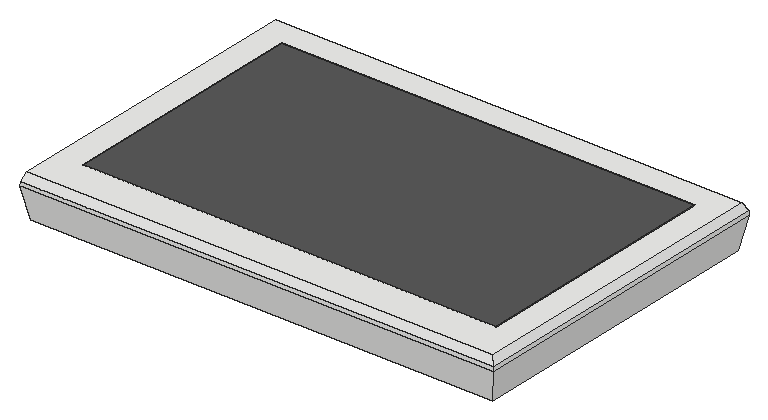
Revit family "Electronics_Touch-Panels_Biamp_Apprimo_Touch-7__", category Communication Devices, host Face, Revit 2020
Family settings
  Host = Face
  Maintain Annotation Orientation = No
  Round Connector Dimension = Use Diameter
  Part Type = Normal
  OmniClass Number = 23.85.10.17.11
  OmniClass Title = Audio-Visual System Components
  Cut with Voids When Loaded = No
  Shared = No
  Room Calculation Point = No
Parameters (values of type "Touch 7 White")
  Width = 7.00"  # constant formula
  Weight = 0.73 lbf  # constant formula
  Voltage = 0 V
  Void Offset [instance] = if(Table mount, 1.00", 0.00")  # 0.00"
  Table mount plan view [instance] = not(Table mount)  # yes
  URL = "https://www.biamp.com/"
  Temperature Range = "32 - 104° F (0 - 40° C)"  # constant formula
  Table mount note [instance] = "Optional tabletop stand accessory sold separately"  # constant formula
  Table mount [instance] = no
  Sensors = "Proximity Ambient Light"  # constant formula
  Product data url = "https://www.bimobject.com/biamp/product/apprimo-touch-7_touch-panel"
  Product Page URL = "https://www.biamp.com/products/product-families/apprimo/touch-panels#apprimo-touch-7"
  Product Documentation Link = "https://downloads.biamp.com/assets/docs/default-source/data-sheets/biamp_data_sheet_apprimo_touch_7_oct21.pdf"
  Power Factor = 1
  Offset Mount Type [instance] = if(Mount Angle = 135.00°, 2.00", 0.00")  # 0.00"
  Number of Poles = 1  # constant formula
  Network Connection = "RJ-45 with Ethernet cable (Cat 5e and above)"  # constant formula
  Mount Angle [instance] = if(Table mount, 135.00°, 180.00°)  # 180.00°
  Model = "Apprimo Touch 7"  # constant formula
  Mini USB port = "USB 2.0"  # constant formula
  Maximum Display Brightness = "350 nits"  # constant formula
  Max Power Consumption = 0 W
  Manufacturer = "Biamp"  # constant formula
  Included Accessories = "Mounting bracket  and screws, Ejector Pin, USB-OTG adapter, Polishing cloth"  # constant formula
  Humidity = "10-90% relative humidity (non-condensing)"  # constant formula
  Housing Material = Biamp - Plastic - White
  Height = 4.69922"  # constant formula
  Display Type = "High-Contrast Capacitive Touch LCD"  # constant formula
  Display Resolution = "1024x595"  # constant formula
  Display Diagonal Size = 7.00"  # constant formula
  Description = "Apprimo Touch 7 Touch Panel"  # constant formula
  Depth = 1.60"  # constant formula
  Default Elevation = 48.00"
  Controller Compatibility = "Impera Alfa II, Impera Lima, Impera Tango, Impera Sierra II"  # constant formula
  Connector Description = "PoE (IEEE 802.3at Class 3,15W)"  # constant formula
  Compliance = "CE marked (Europe), RoHS Directive (Europe)"  # constant formula
  Apparent Load = Max Power Consumption / Power Factor  # 0 VA
  Altitude = "0-6,600 ft (0-2000m) MSL"  # constant formula
Types (3): name | Housing Material
  (no name) | Biamp - Plastic - White
  Touch 7 White | Biamp - Plastic - White
  Touch 7 Black | Biamp - Plastic - Black
Reference planes (in)
  plane 1 "Center (Front/Back)": y = 0
  plane 2: z = 0
  plane 3 "Center (Left/Right)": x = 0
  plane 4: z = 0
  plane 5: z = 0
  plane 6: z = -1
Forms (in)
  Extrusion 1, void
    sketch origin (0, 0, 0) x (1, 0, 0) y (0, 1, 0)
      loop
        line (0.66379, -0.95398) -> (0.66379, 0.88806) -> (-0.66379, 0.88806) -> (-0.66379, -0.95398) -> (0.66379, -0.95398)
    from -1 to 0
Lines and regions (in)
  Masking region 1, visible <- "Table mount", detail levels medium+fine
    outline origin (0, 0, 0) x (1, 0, 0) y (0, 1, 0)
      loop
        line (-1.80563, 1.63895) -> (-3.41251, 1.63895) -> (-3.41251, 1.59956) -> (-3.5, 1.34316) -> (-3.5, 1.29923) -> (-3.5, -2.02362) -> (-3.44559, -2.06766) -> (3.44559, -2.06766) -> (3.5, -2.02362) -> (3.5, 1.29923) -> (3.5, 1.34316) -> (3.41251, 1.59956) -> (3.41251, 1.63895) -> (1.8094, 1.63895) -> (1.64294, 1.98023) -> (-1.63918, 1.98023) -> (-1.80563, 1.63895)
  Masking region 2, visible <- "Table mount plan view"
    outline origin (0, 0, 0) x (1, 0, 0) y (0, 1, 0)
      loop
        line (-3.5, 2.34961) -> (-3.5, -2.34961) -> (3.5, -2.34961) -> (3.5, 2.34961) -> (-3.5, 2.34961)
  Masking region 3, visible <- "Table mount", detail levels coarse
    outline origin (0, 0, 0) x (1, 0, 0) y (0, 1, 0)
      loop
        line (-1.64451, 1.97597) -> (-1.79792, 1.66142) -> (-3.5, 1.66142) -> (-3.5, -2.10613) -> (3.5, -2.10613) -> (3.5, 1.66142) -> (1.7955, 1.66142) -> (1.64209, 1.97597) -> (-1.64451, 1.97597)
  reference lines
    curve 1: line (0, 9.25, 0) -> (0, 0, 0)
  symbolic lines, visible <- "Table mount", detail levels medium+fine
    curve 2: line (-1.80563, 1.63895, 0) -> (-1.63918, 1.98023, 0)
    curve 3: line (-1.63918, 1.98023, 0) -> (1.64294, 1.98023, 0)
    curve 4: line (1.64294, 1.98023, 0) -> (1.8094, 1.63895, 0)
    curve 5: line (-3.41251, 1.63895, 0) -> (3.41251, 1.63895, 0)
    curve 6: line (-1.64798, 1.9622, 0) -> (-1.25234, 1.63895, 0)
    curve 7: line (1.65067, 1.96439, 0) -> (1.25234, 1.63895, 0)
    curve 8: line (-3.41251, 1.63895, 0) -> (-3.41251, 1.59956, 0)
    curve 9: line (-3.41251, 1.59956, 0) -> (3.41251, 1.59956, 0)
    curve 10: line (3.41251, 1.59956, 0) -> (3.41251, 1.63895, 0)
    curve 11: line (3.41251, 1.59956, 0) -> (3.5, 1.34316, 0)
    curve 12: line (3.5, 1.34316, 0) -> (-3.5, 1.34316, 0)
    curve 13: line (-3.5, 1.34316, 0) -> (-3.41251, 1.59956, 0)
    curve 14: line (-3.5, 1.34316, 0) -> (-3.5, 1.29923, 0)
    curve 15: line (-3.5, 1.29923, 0) -> (3.5, 1.29923, 0)
    curve 16: line (3.5, 1.29923, 0) -> (3.5, 1.34316, 0)
    curve 17: line (-3.5, 1.29923, 0) -> (-3.44559, 1.17825, 0)
    curve 18: line (-3.44559, 1.17825, 0) -> (3.44559, 1.17825, 0)
    curve 19: line (3.44559, 1.17825, 0) -> (3.5, 1.29923, 0)
    curve 20: line (-3.5, 1.29923, 0) -> (-3.5, -2.02362, 0)
    curve 21: line (-3.5, -2.02362, 0) -> (-3.44559, -2.06766, 0)
    curve 22: line (-3.44559, -2.06766, 0) -> (3.44559, -2.06766, 0)
    curve 23: line (3.44559, -2.06766, 0) -> (3.5, -2.02362, 0)
    curve 24: line (3.5, -2.02362, 0) -> (3.5, 1.29923, 0)
    curve 25: line (3.44559, 1.17825, 0) -> (3.44559, -2.06766, 0)
    curve 26: line (3.05434, -1.68219, 0) -> (-3.05434, -1.68219, 0)
    curve 27: line (-3.05434, -1.68219, 0) -> (-3.05434, 0.91432, 0)
    curve 28: line (-3.05434, 0.91432, 0) -> (3.05434, 0.91432, 0)
    curve 29: line (3.05434, 0.91432, 0) -> (3.05434, -1.68219, 0)
    curve 30: line (-3.44559, 1.17825, 0) -> (-3.44559, -2.06766, 0)
  symbolic lines, visible <- "Table mount plan view", detail levels medium+fine
    curve 31: line (-3.5, 2.34961, 0) -> (-3.44559, 2.2952, 0)
    curve 32: line (3.44559, 2.2952, 0) -> (-3.44559, 2.2952, 0)
    curve 33: line (-3.44559, 2.2952, 0) -> (-3.44559, -2.2952, 0)
    curve 34: line (-3.05434, 1.92195, 0) -> (3.05434, 1.92195, 0)
    curve 35: line (-3.05434, -1.75007, 0) -> (-3.05434, 1.92195, 0)
    curve 36: line (-3.5, 2.34961, 0) -> (-3.44559, 2.2952, 0)
    curve 37: line (3.44559, 2.2952, 0) -> (3.5, 2.34961, 0)
    curve 38: line (3.44559, -2.2952, 0) -> (3.44559, 2.2952, 0)
    curve 39: line (3.05434, 1.92195, 0) -> (3.05434, -1.75007, 0)
    curve 40: line (3.05434, -1.75007, 0) -> (-3.05434, -1.75007, 0)
    curve 41: line (-3.44559, -2.2952, 0) -> (3.44559, -2.2952, 0)
    curve 42: line (3.5, -2.34961, 0) -> (3.44559, -2.2952, 0)
    curve 43: line (-3.44559, 2.2952, 0) -> (-3.44559, -2.2952, 0)
    curve 44: line (-3.5, -2.34961, 0) -> (-3.44559, -2.2952, 0)
  symbolic lines, visible <- "Table mount plan view"
    curve 45: line (-3.5, -2.34961, 0) -> (3.5, -2.34961, 0)
    curve 46: line (-3.5, 2.34961, 0) -> (-3.5, -2.34961, 0)
    curve 47: line (3.5, 2.34961, 0) -> (-3.5, 2.34961, 0)
    curve 48: line (3.5, -2.34961, 0) -> (3.5, 2.34961, 0)
  symbolic lines, visible <- "Table mount", detail levels coarse
    curve 49: line (-3.5, 1.66142, 0) -> (3.5, 1.66142, 0)
    curve 50: line (3.5, 1.21672, 0) -> (-3.5, 1.21672, 0)
    curve 51: line (1.64209, 1.97597, 0) -> (-1.64451, 1.97597, 0)
    curve 52: line (-3.5, -2.10613, 0) -> (3.5, -2.10613, 0)
    curve 53: line (3.5, -2.10613, 0) -> (3.5, 1.66142, 0)
    curve 54: line (-1.64451, 1.97597, 0) -> (-1.79792, 1.66142, 0)
    curve 55: line (1.64209, 1.97597, 0) -> (1.7955, 1.66142, 0)
    curve 56: line (1.64857, 1.96268, 0) -> (1.27985, 1.66142, 0)
    curve 57: line (-1.27534, 1.66142, 0) -> (-1.64901, 1.96673, 0)
Dimensions and locks (in)
  "Offset Mount Type": plane 4 to level
  locked: plane 5 to plane 6 at 1
  "Void Offset": plane 5 to level
  "Mount Angle": angle host face to curve 1
  aligned and locked: plane 2 to host face
  aligned and locked: level to host face
  aligned and locked: plane 3 "Center (Left/Right)" to nested 1
  aligned and locked: plane 4 to curve 1
  aligned and locked: plane 1 "Center (Front/Back)" to curve 1
  aligned and locked: Extrusion 1 to plane 6
  aligned and locked: plane 5 to Extrusion 1
Automatic sketch dimensions
  host sketch curve to host sketch curve = 96.00"  (x2)
  Masking region 1 sketch curve to plane 3 "Center (Left/Right)" = 1.80563"
  Masking region 1 sketch curve to Masking region 1 sketch curve = 0.16646"  (x2)
  plane 3 "Center (Left/Right)" to Masking region 1 sketch curve = 1.64294"
  Masking region 1 sketch curve to plane 1 "Center (Front/Back)" = 1.63895"
  Masking region 1 sketch curve to Masking region 1 sketch curve = 0.34129"  (x2)
  Masking region 1 sketch curve to Masking region 1 sketch curve = 1.60688"
  Masking region 1 sketch curve to Masking region 1 sketch curve = 1.60311"
  Masking region 1 sketch curve to Masking region 1 sketch curve = 0.03939"
  Masking region 1 sketch curve to plane 1 "Center (Front/Back)" = 1.34316"
  Masking region 1 sketch curve to Masking region 1 sketch curve = 0.08749"
  Masking region 1 sketch curve to Masking region 1 sketch curve = 0.04394"  (x2)
  plane 1 "Center (Front/Back)" to Masking region 1 sketch curve = 2.02362"
  Masking region 1 sketch curve to Masking region 1 sketch curve = 0.05441"  (x2)
  Masking region 1 sketch curve to Masking region 1 sketch curve = 0.04403"  (x2)
  plane 3 "Center (Left/Right)" to Masking region 1 sketch curve = 3.44559"
  Masking region 1 sketch curve to Masking region 1 sketch curve = 0.33972"
  Masking region 1 sketch curve to plane 1 "Center (Front/Back)" = 1.59956"
  Masking region 2 sketch curve to plane 3 "Center (Left/Right)" = 3.50"
  plane 3 "Center (Left/Right)" to Masking region 2 sketch curve = 3.50"
  plane 1 "Center (Front/Back)" to Masking region 2 sketch curve = 2.34961"
  Masking region 2 sketch curve to plane 1 "Center (Front/Back)" = 2.34961"
  curve 14 to plane 1 "Center (Front/Back)" = 1.34316"
  curve 14 to plane 3 "Center (Left/Right)" = 3.50"
  curve 47 to curve 12 = 0.00"
  curve 31 to curve 36 = 0.05441"
  curve 52 to curve 21 = 0.05441"
  curve 49 to curve 8 = 0.08749"
  curve 21 to curve 35 = 0.39125"
  curve 27 to curve 35 = 0.00"
  curve 34 to curve 2 = 1.41517"
  plane 3 "Center (Left/Right)" to curve 51 = 1.64209"
  curve 51 to curve 3 = 0.00085"
  curve 51 to curve 29 = 1.41226"
  curve 34 to curve 28 = 0.00"
  curve 34 to curve 9 = 0.35817"
  curve 9 to curve 25 = 0.03308"
  curve 42 to curve 22 = 0.00"
  curve 38 to curve 48 = 0.05441"
  curve 18 to curve 16 = 0.05441"
  curve 17 to curve 12 = 0.04394"
  curve 25 to curve 15 = 0.12098"
  curve 28 to curve 17 = 0.26393"
  plane 1 "Center (Front/Back)" to curve 26 = 1.68219"
  curve 39 to curve 26 = 0.06788"
  curve 21 to curve 35 = 0.27355"
  curve 24 to curve 39 = 0.27355"
  curve 23 to curve 23 = 0.04403"
  curve 42 to curve 22 = 0.22754"
  curve 42 to curve 38 = 0.05441"
  curve 11 to curve 11 = 0.2564"
  curve 9 to curve 5 = 0.03939"
  curve 5 to curve 35 = 0.283"
  curve 51 to curve 3 = 0.00427"
  curve 34 to curve 32 = 0.37325"
  curve 31 to curve 46 = 0.05441"
  curve 2 to curve 2 = 0.16646"
  curve 2 to curve 54 = 0.00771"
  curve 57 to curve 2 = 0.00984"
  curve 57 to curve 6 = 0.00104"
  curve 54 to curve 2 = 0.00533"
  curve 6 to curve 57 = 0.37264"
  curve 57 to curve 6 = 0.023"
  curve 7 to curve 51 = 0.38975"
  curve 7 to curve 56 = 0.02751"
  curve 51 to curve 56 = 0.00648"
  curve 56 to curve 7 = 0.0021"
  curve 56 to curve 55 = 0.14693"
  curve 55 to curve 4 = 0.0139"
  curve 53 to curve 52 = 0.00"
  curve 18 to curve 50 = 0.03847"
  curve 53 to curve 22 = 0.03847"
  curve 52 to curve 21 = 0.03847"
  curve 2 to curve 54 = 0.02248"
  curve 53 to curve 49 = 0.00"
  curve 6 to curve 57 = 0.00454"
  Masking region 3 sketch curve to plane 1 "Center (Front/Back)" = 1.66142"  (x2)
  Masking region 3 sketch curve to plane 3 "Center (Left/Right)" = 3.50"
  Masking region 3 sketch curve to plane 3 "Center (Left/Right)" = 1.64451"
  plane 3 "Center (Left/Right)" to Masking region 3 sketch curve = 1.64209"
  Masking region 3 sketch curve to Masking region 3 sketch curve = 0.15341"  (x2)
  Masking region 3 sketch curve to Masking region 3 sketch curve = 1.7045"
  plane 1 "Center (Front/Back)" to Masking region 3 sketch curve = 2.10613"
  Masking region 3 sketch curve to Masking region 3 sketch curve = 0.31454"
  plane 3 "Center (Left/Right)" to Extrusion 1 sketch curve = 0.66379"
  Extrusion 1 sketch curve to plane 1 "Center (Front/Back)" = 0.88806"
  Extrusion 1 sketch curve to plane 3 "Center (Left/Right)" = 0.66379"
  plane 1 "Center (Front/Back)" to Extrusion 1 sketch curve = 0.95398"
Nested families (in)
  nested 1: "Table_stand_TP-TS" at (0, -0.00775, 0), visible <- "Table mount", type "Table_stand_TP-TS"
  nested 2: "Apprimo touch 7" at (0, 0, 0), type "Apprimo Touch 7"
Connectors (in)
  electrical at (-3.01086, -0.67171, 0)
    settings: on nested 2, index 1, voltage 0 V, apparent load 0 VA, apparent load phase1 0 VA, apparent load phase2 0 VA, apparent load phase3 0 VA, power factor 1, load classification "Other", number of poles 1, system type 5, power factor state 1, is connector primary yes, connector utility no, sub classification motor no, connector description "USB 2.0"
  electrical at (0, 0.10422, -0.65039), driven by "Connector Description", driven by "Number of Poles", driven by "Voltage", driven by "Apparent Load", driven by "Power Factor"
    settings: on nested 2, index 2, voltage 0 V, apparent load 0 VA, apparent load phase1 0 VA, apparent load phase2 0 VA, apparent load phase3 0 VA, power factor 1, load classification "Other", number of poles 1, system type 31, power factor state 1, is connector primary no, connector utility no, sub classification motor no, connector description "PoE (IEEE 802.3at Class 3,15W)"
Definition of nested family "Table_stand_TP-TS"
  Parameters (values of type "Table_stand_TP-TS")
    Width = 0.00"
    Weight = 0.00 lbf
    Temperature Range = ""
    Product Page URL = ""
    Product Documentation Link = ""
    Power = ""
    Network Connection = ""
    Material Case = none
    Humidity = ""
    Height = 0.00"
    Height_2 = 0.00"
    Depth = 0.00"
    Default Elevation = 48.00"
    Compliance = ""
    Altitude = ""
  Reference planes (in)
    plane 1 "Center (Front/Back)": y = 0
    plane 2: z = 0
    plane 3 "Center (Left/Right)": x = 0
    plane 4: z = 1.99935
  Forms (in)
    Extrusion 1, solid
      sketch origin (0, 0, 0) x (1, 0, 0) y (0, 1, 0)
        loop
          line (-48, 48) -> (-48, -48) -> (48, -48) -> (48, 48) -> (-48, 48)
      from 0 to -12
    Extrusion 2, solid, material <- "Material Case"
      sketch origin (0, 0, 1.99935) x (0, 0.707107, 0.707107) y (1, 0, 0)
        loop
          line (2.26212, -3.41251) -> (2.26212, 3.41251) -> (-2.26212, 3.41251) -> (-2.26212, 2.00083) -> (-1.75007, 2.00083) -> (-0.59969, 1.13395) -> (-0.27302, 1.56746) -> (0.91567, 0.67171) -> (0.91567, 0) -> (0.91567, -0.67171) -> (-0.27302, -1.56746) -> (-0.59969, -1.13395) -> (-1.75007, -2.00083) -> (-2.26212, -2.00083) -> (-2.26212, -3.41251) -> (2.26212, -3.41251)
        loop
          circle (0.22719, -2.5) r 0.15151
        loop
          circle (0.22719, 2.5) r 0.15151
      from 0 to 0.06667
    Extrusion 3, solid, material <- "Material Case"
      sketch origin (2.53867, 0.19208, 0) x (-0.438371, 0.898794, 0) y (-0.341708, -0.166662, 0.92491)
        loop
          line (-1.97926, 0.05376) -> (1.98857, 0.05376) -> (1.69691, 3.31172) -> (-1.90178, 0.34858) -> (-1.97926, 0.05376)
      from 0 to -0.05078
    Extrusion 4, solid, material <- "Material Case"
      sketch origin (-2.53867, 0.19208, 0) x (-0.438371, -0.898794, 0) y (0.341708, -0.166662, 0.92491)
        loop
          line (-1.98839, 0.05572) -> (1.95813, 0.05572) -> (1.87552, 0.37019) -> (-1.69691, 3.3117) -> (-1.98839, 0.05572)
      from 0 to -0.05078
    Extrusion 5, solid, material <- "Material Case"
      sketch origin (0, 0, 0) x (1, 0, 0) y (0, 1, 0)
        loop
          line (-1.63922, 1.98372) -> (-3.3869, -1.59956) -> (3.38977, -1.59956) -> (1.64209, 1.98372) -> (-1.63922, 1.98372)
      from 0 to 0.05078
  Dimensions and locks (in)
    plane 4 to Extrusion 1 = 1.99935"
    Extrusion 2 sketch curve to Extrusion 2 sketch curve = 5.00"
    aligned and locked: plane 2 to Extrusion 1
    aligned and locked: level to Extrusion 1
Definition of nested family "Apprimo touch 7"
  Parameters (values of type "Apprimo Touch 7")
    Width = 7.00"  # constant formula
    Weight = 0.73 lbf  # constant formula
    URL = ""
    Model = ""
    Material Screen = none
    Material Display = none
    Material Case = none
    Manufacturer = ""
    Height_2 = 4.69922"  # constant formula
    Description = ""
    Depth = 0.16797"  # constant formula
    Default Elevation = 48.00"
  Reference planes (in)
    plane 1 "Center (Front/Back)": y = 0
    plane 2: z = 0
    plane 3 "Center (Left/Right)": x = 0
  Forms (in)
    Extrusion 1, solid
      sketch origin (0, 0, 0) x (1, 0, 0) y (0, 1, 0)
        loop
          line (-48, 48) -> (-48, -48) -> (48, -48) -> (48, 48) -> (-48, 48)
      from 0 to -12
    Extrusion 2, solid, material <- "Material Case", detail levels medium+fine
      sketch origin (0, 0, 0) x (1, 0, 0) y (0, 1, 0)
        loop
          line (-3.5, 2.34961) -> (-3.5, -2.34961) -> (3.5, -2.34961) -> (3.5, 2.34961) -> (-3.5, 2.34961)
      from 0 to 0.62891
    Extrusion 3, solid, material <- "Material Case"
      sketch origin (0, 0, 0) x (1, 0, 0) y (0, 1, 0)
        loop
          line (-0.66379, 0.88806) -> (-0.66379, -0.95398) -> (0.66379, -0.95398) -> (0.66379, 0.88806) -> (-0.66379, 0.88806)
      from 0 to -0.30078
    Extrusion 4, solid, material <- "Material Case"
      sketch origin (0, 0, 0) x (1, 0, 0) y (0, 1, 0)
        loop
          line (-0.66379, 0.88806) -> (-0.66379, 0.10422) -> (0.66379, 0.10422) -> (0.66379, 0.88806) -> (-0.66379, 0.88806)
      from -0.30078 to -1
    Sweep 5, void
      path in 3D
        loop
          line (3.5, 2.34961, 0.62891) -> (-3.5, 2.34961, 0.62891) -> (-3.5, -2.34961, 0.62891) -> (3.5, -2.34961, 0.62891) -> (3.5, 2.34961, 0.62891)
      profile origin (3.5, 0, 0.62891) x (-1, 0, 0) y (0, 0, 1)
        loop
          line (0, 0) -> (0, -0.11668) -> (0.05441, 0) -> (0, 0)
        loop
          line (0, -0.17882) -> (0, -0.62891) -> (0.08749, -0.62891) -> (0, -0.17882)
    Extrusion 6, void
      sketch origin (0, 0, 0.62891) x (0, 1, 0) y (1, 0, 0)
        loop
          line (1.92195, -3.05434) -> (1.92195, 3.05434) -> (-1.75007, 3.05434) -> (-1.75007, -3.05434) -> (1.92195, -3.05434)
      from 0 to 0.05078
    Extrusion 7, solid, material <- "Material Screen", detail levels medium+fine
      sketch origin (0, 0, 0.62891) x (1, 0, 0) y (0, 1, 0)
        loop
          line (-3.05434, 1.92195) -> (-3.05434, -1.75007) -> (3.05434, -1.75007) -> (3.05434, 1.92195) -> (-3.05434, 1.92195)
      from 0 to -0.05078
    Extrusion 8, void
      sketch origin (0.66379, 0.10422, 0) x (1, 0, 0) y (0, 0, -1)
        loop
          line (-0.92759, 0.43036) -> (-0.42759, 0.43036) -> (-0.42759, 0.77036) -> (-0.92759, 0.77036) -> (-0.92759, 0.43036)
      from 0 to 0.05078
    Extrusion 9, void
      sketch origin (-1.18297, 2.33876, 0) x (0, 1, 0) y (-1, 0, 0)
        loop
          line (-2.85705, 1.87792) -> (-3.16389, 1.87792) -> (-3.16389, 1.77787) -> (-2.85705, 1.77787) -> (-2.85705, 1.87792)
      from 0 to 0.05078
    Extrusion 10, solid, material <- "Material Case", detail levels coarse
      sketch origin (0, 0, 0) x (1, 0, 0) y (0, 1, 0)
        loop
          line (-3.5, 2.34961) -> (-3.5, -2.34961) -> (3.5, -2.34961) -> (3.5, 2.34961) -> (-3.5, 2.34961)
      from 0 to 0.62891
    Extrusion 11, solid, detail levels coarse
      sketch origin (0, 0, 0.62891) x (1, 0, 0) y (0, 1, 0)
        loop
          line (-3.05434, 1.92195) -> (-3.05434, -1.75007) -> (3.05434, -1.75007) -> (3.05434, 1.92195) -> (-3.05434, 1.92195)
      from 0 to -0.05078
  Cuts and joins
    Sweep 5, Extrusion 6, Extrusion 8, Extrusion 9 cuts Extrusion 2
    Extrusion 8, Extrusion 9 cuts Extrusion 3
    Extrusion 8, Extrusion 9 cuts Extrusion 4
    joined: Extrusion 3, Extrusion 4
    Extrusion 6 cuts Extrusion 10
  Lines and regions (in)
    Masking region 1
      outline origin (0, 0, 0.62891) x (1, 0, 0) y (0, 1, 0)
        loop
          line (-3.5, 2.34961) -> (-3.5, -2.34961) -> (3.5, -2.34961) -> (3.5, 2.34961) -> (-3.5, 2.34961)
    Masking region 2, detail levels medium+fine
      outline origin (0, 0, 0) x (1, 0, 0) y (0, 0, 1)
        loop
          line (-3.41251, 0) -> (3.41251, 0) -> (3.5, 0.45009) -> (3.5, 0.51223) -> (3.44559, 0.62891) -> (-3.44559, 0.62891) -> (-3.5, 0.51223) -> (-3.5, 0.45009) -> (-3.41251, 0)
    Masking region 3, detail levels coarse
      outline origin (0, 0, 0) x (1, 0, 0) y (0, 0, 1)
        loop
          line (-3.5, 0.62891) -> (-3.5, 0) -> (3.5, 0) -> (3.5, 0.62891) -> (-3.5, 0.62891)
    sketch lines
      curve 1: line (3.5, -2.34961, 0.62891) -> (3.5, 2.34961, 0.62891)
      curve 2: line (3.5, 2.34961, 0.62891) -> (-3.5, 2.34961, 0.62891)
      curve 3: line (-3.5, 2.34961, 0.62891) -> (-3.5, -2.34961, 0.62891)
      curve 4: line (-3.5, -2.34961, 0.62891) -> (3.5, -2.34961, 0.62891)
    symbolic lines
      curve 5: line (3.44559, -1.2452, 0.62891) -> (3.44559, 1.50635, 0.62891)
      curve 6: line (3.44559, -1.2452, 0.62891) -> (3.44559, 1.50635, 0.62891)
      curve 7: line (-3.05434, 1.92195, 0.62891) -> (3.05434, 1.92195, 0.62891)
      curve 8: line (-3.05434, -1.75007, 0.62891) -> (-3.05434, 1.92195, 0.62891)
      curve 9: line (3.05434, -1.75007, 0.62891) -> (-3.05434, -1.75007, 0.62891)
      curve 10: line (3.05434, 1.92195, 0.62891) -> (3.05434, -1.75007, 0.62891)
      curve 11: line (-3.5, 2.34961, 0.62891) -> (-3.44559, 2.2952, 0.62891)
      curve 12: line (3.44559, 2.2952, 0.62891) -> (-3.44559, 2.2952, 0.62891)
      curve 13: line (-3.44559, 2.2952, 0.62891) -> (-3.44559, -2.2952, 0.62891)
      curve 14: line (-3.5, -2.34961, 0.62891) -> (-3.44559, -2.2952, 0.62891)
      curve 15: line (-3.44559, -2.2952, 0.62891) -> (3.44559, -2.2952, 0.62891)
      curve 16: line (3.44559, -2.2952, 0.62891) -> (3.44559, 2.2952, 0.62891)
      curve 17: line (3.5, -2.34961, 0.62891) -> (3.44559, -2.2952, 0.62891)
      curve 18: line (3.44559, 2.2952, 0.62891) -> (3.5, 2.34961, 0.62891)
    symbolic lines, detail levels medium+fine
      curve 19: line (-3.5, 0, 0.51223) -> (3.5, 0, 0.51223)
      curve 20: line (-3.5, 0, 0.45009) -> (3.5, 0, 0.45009)
  Dimensions and locks (in)
    equal spacing: Extrusion 2 sketch curve, plane 3 "Center (Left/Right)", Extrusion 2 sketch curve
    "Width": Extrusion 2 sketch curve to Extrusion 2 sketch curve
    equal spacing: Extrusion 2 sketch curve, plane 1 "Center (Front/Back)", Extrusion 2 sketch curve
    "Height_2": Extrusion 2 sketch curve to Extrusion 2 sketch curve
    equal spacing: Extrusion 3 sketch curve, plane 3 "Center (Left/Right)", Extrusion 3 sketch curve
    aligned and locked: plane 2 to Extrusion 1
    aligned and locked: level to Extrusion 1
    aligned and locked: Extrusion 4 sketch curve to Extrusion 3  (x3)
    aligned and locked: Extrusion 4 to Extrusion 3
    aligned and locked: Masking region 1 sketch curve to cut or joined group of Extrusion 2, Sweep 5, Extrusion 6, Extrusion 8, Extrusion 9  (x4)
    aligned and locked: Extrusion 10 sketch curve to cut or joined group of Extrusion 2, Sweep 5, Extrusion 6, Extrusion 8, Extrusion 9  (x4)
    aligned and locked: curve 8 to Extrusion 7
    aligned and locked: curve 7 to Extrusion 7
    aligned and locked: curve 9 to Extrusion 7
    aligned and locked: curve 11 to cut or joined group of Extrusion 2, Sweep 5, Extrusion 6, Extrusion 8, Extrusion 9
    aligned and locked: curve 14 to cut or joined group of Extrusion 2, Sweep 5, Extrusion 6, Extrusion 8, Extrusion 9
    aligned and locked: curve 17 to cut or joined group of Extrusion 2, Sweep 5, Extrusion 6, Extrusion 8, Extrusion 9
    aligned and locked: curve 18 to cut or joined group of Extrusion 2, Sweep 5, Extrusion 6, Extrusion 8, Extrusion 9
    aligned and locked: Extrusion 6 sketch curve to Extrusion 7  (x4)
  Automatic sketch dimensions
    Extrusion 1 sketch curve to Extrusion 1 sketch curve = 96.00"  (x2)
    Extrusion 3 sketch curve to plane 3 "Center (Left/Right)" = 0.66379"
    plane 1 "Center (Front/Back)" to Extrusion 3 sketch curve = 0.95398"
    Extrusion 3 sketch curve to plane 1 "Center (Front/Back)" = 0.88806"
    Extrusion 4 sketch curve to plane 1 "Center (Front/Back)" = 0.10422"
    Sweep 5 sketch curve to profile plane = 0.00"  (x3)
    Sweep 5 sketch curve to profile plane = 0.05441"
    Sweep 5 sketch curve to profile plane = 0.08749"
    Sweep 5 sketch curve to profile plane = 0.11668"
    Sweep 5 sketch curve to Sweep 5 sketch curve = 0.06214"
    Sweep 5 sketch curve to Sweep 5 sketch curve = 0.45009"
    Extrusion 7 sketch curve to Extrusion 2 = 0.44566"  (x2)
    Extrusion 7 sketch curve to Extrusion 2 = 0.59954"
    Extrusion 7 sketch curve to Extrusion 2 = 0.42766"
    Extrusion 8 sketch curve to Extrusion 4 = 0.39998"
    Extrusion 8 sketch curve to Extrusion 4 = 0.12957"
    Extrusion 4 to Extrusion 8 sketch curve = 0.42759"
    Extrusion 8 sketch curve to Extrusion 4 = 0.22964"
    Extrusion 2 to Extrusion 9 sketch curve = 0.43911"
    Extrusion 2 to Extrusion 9 sketch curve = 1.52448"
    Extrusion 9 sketch curve to Extrusion 9 sketch curve = 0.30683"
    Extrusion 9 sketch curve to Extrusion 9 sketch curve = 0.10005"
    curve 10 to Extrusion 2 = 0.44566"
    curve 5 to curve 7 = 0.4156"
    curve 10 to curve 5 = 0.50487"
    curve 11 to Extrusion 2 = 0.00"
    curve 14 to Extrusion 2 = 0.00"
    curve 17 to Extrusion 2 = 0.00"
    curve 18 to Extrusion 2 = 0.00"
    curve 13 to Extrusion 2 = 0.05441"
    curve 6 to Extrusion 2 = 0.05441"
    Masking region 2 sketch curve to level = 0.00"
    level to Masking region 2 sketch curve = 0.45009"  (x2)
    Masking region 2 sketch curve to plane 3 "Center (Left/Right)" = 3.50"
    level to Masking region 2 sketch curve = 0.62891"
    Masking region 2 sketch curve to Masking region 2 sketch curve = 0.05441"  (x2)
    plane 3 "Center (Left/Right)" to Masking region 2 sketch curve = 3.44559"
    Masking region 2 sketch curve to Masking region 2 sketch curve = 0.06214"  (x2)
    Masking region 2 sketch curve to Masking region 2 sketch curve = 0.08749"  (x2)
    level to curve 20 = 0.45009"
    curve 20 to plane 3 "Center (Left/Right)" = 3.50"
    curve 19 to curve 20 = 0.00"  (x2)
    plane 3 "Center (Left/Right)" to curve 20 = 3.50"
    curve 20 to curve 19 = 0.06214"
    Masking region 3 sketch curve to level = 0.00"
    Masking region 3 sketch curve to plane 3 "Center (Left/Right)" = 3.50"
    plane 3 "Center (Left/Right)" to Masking region 3 sketch curve = 3.50"
    Masking region 3 sketch curve to Masking region 3 sketch curve = 0.62891"
    Extrusion 11 sketch curve to Extrusion 2 = 0.44566"  (x2)
    Extrusion 11 sketch curve to Extrusion 2 = 0.59954"
    Extrusion 11 sketch curve to Extrusion 2 = 0.42766"
  Connectors (in)
    electrical at (-3.01086, -0.67171, 0.05078)
      settings: on cut or joined group of Extrusion 2, Sweep 5, Extrusion 6, Extrusion 8, Extrusion 9, index 1, voltage 0 V, apparent load 0 VA, apparent load phase1 0 VA, apparent load phase2 0 VA, apparent load phase3 0 VA, power factor 1, load classification none, number of poles 1, system type 5, power factor state 1, is connector primary yes, connector utility no, sub classification motor no, connector description "USB"
    electrical at (-0.01381, 0.10422, -0.60036)
      settings: on cut or joined group of Extrusion 2, Sweep 5, Extrusion 6, Extrusion 8, Extrusion 9, index 2, voltage 0 V, apparent load 0 VA, apparent load phase1 0 VA, apparent load phase2 0 VA, apparent load phase3 0 VA, power factor 1, load classification none, number of poles 1, system type 31, power factor state 1, is connector primary no, connector utility no, sub classification motor no, connector description "PoE (IEEE 802.3at Class 3,15W)"
